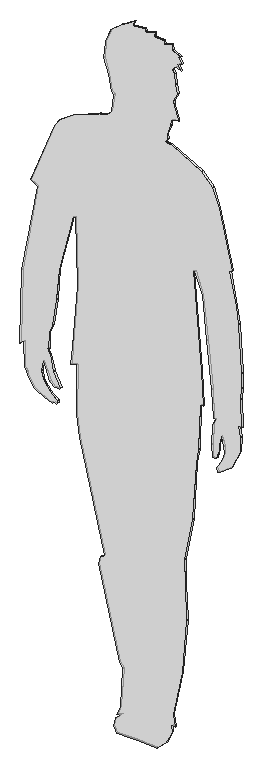
Revit family "Flat Man 08", category Entourage, Revit 2015
Parameters
  Flat Material [instance] = none
  Height = 0 mm
Reference planes
  plane 1 "Center (Front/Back)": y = 0
  plane 2: z = 0
  plane 3 "Center (Left/Right)": x = 0
Forms (mm)
  Extrusion 1, solid, material <- "Flat Material"
    sketch origin (0, 0, 0) x (1, 0, 0) y (0, 0, 1)
      loop
        line (26.397, 1530.259) -> (31.411, 1536.672) -> (31.147, 1550.43) -> (40.941, 1576.175) -> (42.341, 1587.933) -> (61.113, 1591.514) -> (62.255, 1597.758) -> (50.16, 1627.126) -> (49.421, 1641.604) -> (60.065, 1659.194) -> (54.447, 1684.47) -> (51.34, 1708.824) -> (45.582, 1718.3) -> (54.785, 1725.454) -> (69.608, 1721.082) -> (60.512, 1734.879) -> (73.313, 1740.944) -> (62.908, 1754.622) -> (68.597, 1757.442) -> (46.026, 1766.878) -> (45.016, 1779.667) -> (24.129, 1774.283) -> (22.107, 1782.697) -> (-4.506, 1783.709) -> (-3.158, 1793.474) -> (-30.109, 1788.091) -> (-31.119, 1795.156) -> (-64.471, 1789.772) -> (-60.607, 1802.86) -> (-74.577, 1794.826) -> (-96.811, 1782.027) -> (-127.467, 1758.454) -> (-143.894, 1721.441) -> (-147.777, 1679.647) -> (-135.829, 1641.724) -> (-126.867, 1601.121) -> (-119.939, 1596.348) -> (-127.341, 1551.022) -> (-137.545, 1540.105) -> (-158.493, 1536.431) -> (-233.873, 1505.384) -> (-270.827, 1481.679) -> (-287.249, 1459.327) -> (-353.851, 1299.733) -> (-334.455, 1290.807) -> (-378.33, 1065.114) -> (-383.897, 878.383) -> (-372.078, 887.897) -> (-370.16, 823.629) -> (-364.155, 815.476) -> (-362.66, 805.369) -> (-342.085, 779.997) -> (-336.37, 777.753) -> (-334.201, 774.808) -> (-300.166, 760.393) -> (-290.936, 759.432) -> (-287.843, 762.955) -> (-280.963, 760.281) -> (-276.375, 764.483) -> (-277.331, 771.361) -> (-293.003, 782.633) -> (-306.574, 797.151) -> (-317.085, 813.581) -> (-322.055, 831.921) -> (-318.233, 857.138) -> (-299.502, 812.626) -> (-286.123, 802.118) -> (-272.362, 802.311) -> (-268.348, 806.514) -> (-287.843, 842.048) -> (-298.165, 881.593) -> (-305.752, 892.66) -> (-301.61, 891.945) -> (-300.735, 935.695) -> (-291.106, 955.382) -> (-280.164, 1025.38) -> (-272.599, 1103.696) -> (-232.643, 1249.353) -> (-229.892, 1249.372) -> (-227.111, 1249.492) -> (-222.619, 1081.353) -> (-235.407, 921.562) -> (-240.674, 875.316) -> (-223.934, 880.356) -> (-225.206, 756.437) -> (-216.675, 701.267) -> (-146.651, 428.994) -> (-157.998, 421.267) -> (-163.549, 402.098) -> (-104.507, 174.104) -> (-94.655, 162.258) -> (-102.05, 64.219) -> (-111.299, 41.447) -> (-97.545, 45.742) -> (-115.897, 30.455) -> (-121.77, 10.637) -> (-111.949, -6.35) -> (-71.37, -6.35) -> (-55.275, -4.127) -> (-28.271, -6.35) -> (0.638, -4.127) -> (26.054, 17.149) -> (41.58, 44.806) -> (45.094, 51.431) -> (43.652, 68.735) -> (53.151, 66.365) -> (46.679, 97.456) -> (71.888, 211.269) -> (84.755, 346.64) -> (80.691, 438.014) -> (80.211, 497.986) -> (102.421, 605.627) -> (112.518, 750.943) -> (119.253, 787.427) -> (123.248, 900.651) -> (132.231, 899.964) -> (125.933, 987.846) -> (104.245, 1231.793) -> (107.692, 1232.302) -> (128.394, 1178.281) -> (141.243, 1070.967) -> (155.974, 952.127) -> (159.131, 879.032) -> (165.492, 879.706) -> (158.729, 865.405) -> (155.472, 814.312) -> (157.477, 782.503) -> (161.986, 779.999) -> (170.005, 783.507) -> (176.77, 805.296) -> (176.519, 819.571) -> (182.784, 842.362) -> (189.048, 820.323) -> (190.049, 802.038) -> (182.533, 779.749) -> (167.749, 759.712) -> (171.758, 747.941) -> (174.191, 750.311) -> (179.628, 750.641) -> (210.47, 772.798) -> (235.047, 821.77) -> (236.622, 859.972) -> (230.807, 883.971) -> (240.149, 884.29) -> (236.706, 956.365) -> (240.137, 983.16) -> (240.131, 1021.559) -> (230.972, 1142.049) -> (224.667, 1184.375) -> (206.123, 1266.523) -> (213.019, 1269.254) -> (175.857, 1414.359) -> (157.746, 1460.287) -> (127.267, 1490.305) -> (42.454, 1527.397) -> (29.102, 1529.769) -> (26.397, 1530.259)
    from -2.5 to 2.5
Lines and regions (mm)
  model lines
    curve 1: line (-150, 0, 0) -> (150, 0, 0)
    curve 2: line (0, 150, 0) -> (0, -150, 0)
Dimensions and locks
  aligned and locked: level to plane 2
